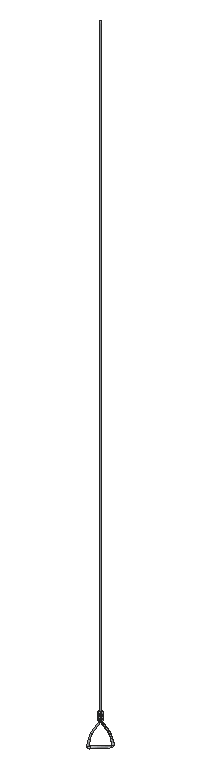
Revit family "Wire-HunterDouglas-84G", category Specialty Equipment, Revit 2013
Parameters (values of type "Parametric")
  ecoScorecard_data = "http://products.ecoscorecard.com/hunterdouglascontract/L84GMBR"
  ecoScorecard Product Page = "http://hunterdouglascontract.ecoscorecard.com/product/L84GMBR?base_search=product_category_A1035"
  Wire Hanger = Metal - Aluminum Frame - HunterDouglas - Painted White
  URL = "http://www.hunterdouglascontract.com/ceilings/index.jsp"
  Subcategory = "Metal – Linear"  # constant formula
  Product Line = "9-10 84G"  # constant formula
  Model = "9-10 84G Hanger_Rod"  # constant formula
  Manufacturer = "Hunter Douglas Luxalon Metal Ceilings"  # constant formula
  HangerWire Length = 3' - 0"
  Description = "Hanger_Rod"  # constant formula
  Color Finishes = "http://www.hunterdouglascontract.com/ceilings/metalsystems/linear/84g/index.jsp?t=colorPage"
  Assembly Code = "C3030200"
  95 CSI = "09510"  # constant formula
  04 CSI = "09 51 00"  # constant formula
Reference planes (in)
  plane 1 "Center (Front/Back)": y = 0
  plane 2: z = 0
  plane 3 "Center (Left/Right)": x = 0
  plane 4: x = -0.77248
  plane 5: x = 0.77248
  plane 6: z = 2.4375
  plane 7: z = 2.5
  plane 8: z = 36
  plane 9: z = 36.21875
  plane 10: through (-0.0221, 0.0221, 48) normal (-0.7071, -0.7071, 0)
Dimensions and locks (in)
  equal spacing: plane 4, plane 3 "Center (Left/Right)", plane 5
  plane 4 to plane 5 = 0' - 1.54495"
  locked: plane 6 to plane 7 at 0.0625
  locked: plane 6 to level at 2.4375
  "HangerWire Length": plane 8 to level
  locked: plane 9 to plane 8 at 0.21875
  aligned and locked: level to plane 2
  aligned and locked: plane 1 "Center (Front/Back)" to nested 1
  aligned and locked: plane 3 "Center (Left/Right)" to nested 1
  aligned and locked: plane 6 to nested 1
Nested families (in)
  nested 1: "Wire" at (0, 0, 0), type "Parametric"
Definition of nested family "Wire"
  Parameters (values of type "Parametric")
    Wire Hanger = Metal - Aluminum Frame - HunterDouglas - Painted White
    URL = "http://www.hunterdouglascontract.com/ceilings/index.jsp"
    Subcategory = "Metal – Linear"  # constant formula
    Product Line = "9-10 84G"  # constant formula
    Model = "9-10 84G Hanger_Rod"  # constant formula
    Manufacturer = "Hunter Douglas Luxalon Metal Ceilings"  # constant formula
    HangerWire Length = 3' - 0"
    Description = "Hanger_Rod"  # constant formula
    Assembly Code = "C3030200"
    95 CSI = "09510"  # constant formula
    04 CSI = "09 51 00"  # constant formula
  Reference planes (in)
    plane 1 "Center (Front/Back)": y = 0
    plane 2: z = 0
    plane 3 "Center (Left/Right)": x = 0
    plane 4: x = -0.77248
    plane 5: x = 0.77248
    plane 6: z = 2.4375
    plane 7: z = 2.5
    plane 8: z = 36
    plane 9: z = 36.21875
    plane 10: through (-0.0221, 0.0221, 48) normal (-0.7071, -0.7071, 0)
  Forms (in)
    Sweep 1, solid, material "Metal - Aluminum Frame - HunterDouglas - Painted White" <- "Wire Hanger", detail levels fine
      path origin (0, 0, 0) x (0.707107, 0.707107, 0) y (0, 0, 1)
        loop
          line (0.03125, 36.21875) -> (0.03125, 3.70793) -> (0.38236, 3.14135)
          arc (0.38236, 3.14135) -> (0.44435, 3.01623) -> (0.48166, 2.88166) r 0.73777
          line (0.48166, 2.88166) -> (0.5376, 2.56649)
          arc (0.5376, 2.56649) -> (0.51364, 2.47677) -> (0.42949, 2.4375) r 0.1098
          line (0.42949, 2.4375) -> (-0.42976, 2.4375)
          arc (-0.42976, 2.4375) -> (-0.51374, 2.47669) -> (-0.53765, 2.56622) r 0.10957
          line (-0.53765, 2.56622) -> (-0.48246, 2.87715)
          arc (-0.48246, 2.87715) -> (-0.44395, 3.01607) -> (-0.37995, 3.14524) r 0.76163
          line (-0.37995, 3.14524) -> (-0.0384, 3.69638)
      profile origin (-0.0001, -0.0001, 2.4375) x (0, 0, -1) y (0.707107, -0.707107, 0)
        loop
          circle (-0.03125, 0) r 0.03125
    Revolve 2, solid, material "Metal - Aluminum Frame - HunterDouglas - Painted White" <- "Wire Hanger", detail levels fine
      sketch origin (0.00705, -1.10535, 0.17393) x (0, 0.947216, -0.320596) y (0, 0.320596, 0.947216)
        loop
          line (-0.19925, 4.08974) -> (-0.26999, 4.08974)
          arc (-0.26999, 4.08974) -> (-0.30124, 4.05849) -> (-0.26999, 4.02724) r 0.03125
          line (-0.26999, 4.02724) -> (-0.19925, 4.02724) -> (-0.19925, 4.08974)
        axis (-0.19925, 4.02724) -> (-0.19925, 4.08974)
      angle from 0 to 360
    Revolve 3, solid, material "Metal - Aluminum Frame - HunterDouglas - Painted White" <- "Wire Hanger", detail levels fine
      sketch origin (0.00705, -1.10535, 0.04197) x (0, 0.947216, -0.320596) y (0, 0.320596, 0.947216)
        loop
          line (-0.19925, 4.08974) -> (-0.26999, 4.08974)
          arc (-0.26999, 4.08974) -> (-0.30124, 4.05849) -> (-0.26999, 4.02724) r 0.03125
          line (-0.26999, 4.02724) -> (-0.19925, 4.02724) -> (-0.19925, 4.08974)
        axis (-0.19925, 4.02724) -> (-0.19925, 4.08974)
      angle from 0 to 360
    Revolve 4, solid, material "Metal - Aluminum Frame - HunterDouglas - Painted White" <- "Wire Hanger", detail levels fine
      sketch origin (0.00705, -1.10535, 0.10916) x (0, 0.947216, -0.320596) y (0, 0.320596, 0.947216)
        loop
          line (-0.19925, 4.08974) -> (-0.26999, 4.08974)
          arc (-0.26999, 4.08974) -> (-0.30124, 4.05849) -> (-0.26999, 4.02724) r 0.03125
          line (-0.26999, 4.02724) -> (-0.19925, 4.02724) -> (-0.19925, 4.08974)
        axis (-0.19925, 4.02724) -> (-0.19925, 4.08974)
      angle from 0 to 360
    Revolve 5, solid, material "Metal - Aluminum Frame - HunterDouglas - Painted White" <- "Wire Hanger", detail levels fine
      sketch origin (0.00705, -1.10535, -0.02357) x (0, 0.947216, -0.320596) y (0, 0.320596, 0.947216)
        loop
          line (-0.19925, 4.08974) -> (-0.26999, 4.08974)
          arc (-0.26999, 4.08974) -> (-0.30124, 4.05849) -> (-0.26999, 4.02724) r 0.03125
          line (-0.26999, 4.02724) -> (-0.19925, 4.02724) -> (-0.19925, 4.08974)
        axis (-0.19925, 4.02724) -> (-0.19925, 4.08974)
      angle from 0 to 360
    Revolve 6, solid, material "Metal - Aluminum Frame - HunterDouglas - Painted White" <- "Wire Hanger", detail levels fine
      sketch origin (0.00705, -1.10535, -0.08912) x (0, 0.947216, -0.320596) y (0, 0.320596, 0.947216)
        loop
          line (-0.19925, 4.08974) -> (-0.26999, 4.08974)
          arc (-0.26999, 4.08974) -> (-0.30124, 4.05849) -> (-0.26999, 4.02724) r 0.03125
          line (-0.26999, 4.02724) -> (-0.19925, 4.02724) -> (-0.19925, 4.08974)
        axis (-0.19925, 4.02724) -> (-0.19925, 4.08974)
      angle from 0 to 360
    Revolve 7, solid, material "Metal - Aluminum Frame - HunterDouglas - Painted White" <- "Wire Hanger", detail levels fine
      sketch origin (0.00705, -1.10535, -0.15857) x (0, 0.947216, -0.320596) y (0, 0.320596, 0.947216)
        loop
          line (-0.19925, 4.08974) -> (-0.26999, 4.08974)
          arc (-0.26999, 4.08974) -> (-0.30124, 4.05849) -> (-0.26999, 4.02724) r 0.03125
          line (-0.26999, 4.02724) -> (-0.19925, 4.02724) -> (-0.19925, 4.08974)
        axis (-0.19925, 4.02724) -> (-0.19925, 4.08974)
      angle from 0 to 360
  Lines and regions (in)
    model lines, style "Wire", detail levels coarse+medium
      curve 1: line (0, 0, 36) -> (0, 0, 2.5)
    symbolic lines, style "Wire", detail levels fine
      curve 2: line (-0.38204, -0.33784, 0) -> (-0.08282, -0.03863, 0)
      curve 3: line (0.38204, 0.33784, 0) -> (0.09664, 0.05243, 0)
      curve 4: arc (0.33784, 0.38204, 0) -> (0.38204, 0.38204, 0) -> (0.38204, 0.33784, 0) r 0.03125
      curve 5: arc (-0.38204, -0.33784, 0) -> (-0.38204, -0.38204, 0) -> (-0.33784, -0.38204, 0) r 0.03125
      curve 6: circle (0.00691, 0.00691, 0) r 0.10062 normal (0, 0, 1)
      curve 7: circle (0, 0, 0) r 0.03125 normal (0, 0, 1)
      curve 8: line (0.05244, 0.09663, 0) -> (0.33784, 0.38204, 0)
      curve 9: line (-0.03862, -0.08282, 0) -> (-0.33784, -0.38204, 0)
      curve 14: line (-0.03122, 0, 36.21875) -> (0.03122, 0, 36.21875)
      curve 15: line (0.03122, 0, 36.21875) -> (0.03122, 0, 4.1081)
      curve 16: line (-0.02999, 0, 3.69117) -> (-0.27048, 0, 3.16052)
      curve 17: line (-0.39791, 0, 2.57083) -> (-0.33782, 0, 2.89346)
      curve 18: arc (-0.33782, 0, 2.89346) -> (-0.3161, 0, 3.03) -> (-0.27048, 0, 3.16052) r 0.77561
      curve 19: arc (-0.39791, 0, 2.57083) -> (-0.37867, 0, 2.48393) -> (-0.30275, 0, 2.4375) r 0.11373
      curve 20: line (0.08629, 0, 3.61911) -> (-0.02999, 0, 3.69117)
      curve 21: spline (-0.03122, 0, 3.69014) -> (-0.02944, 0, 3.69066) -> (-0.02594, 0, 3.69166) -> (-0.02092, 0, 3.6931) -> (-0.01467, 0, 3.69489) -> (-0.00756, 0, 3.69692) -> (0, 0, 3.69907) -> (0.00755, 0, 3.70122) -> (0.01466, 0, 3.70324) -> (0.02091, 0, 3.70501) -> (0.02594, 0, 3.70643) -> (0.02944, 0, 3.70742) -> (0.03122, 0, 3.70792)
      curve 22: line (0.00884, 0, 3.62544) -> (-0.21356, 0, 3.13472)
      curve 23: arc (-0.2757, 0, 2.88565) -> (-0.25593, 0, 3.013) -> (-0.21356, 0, 3.13472) r 0.71311
      curve 24: line (-0.33647, 0, 2.55939) -> (-0.2757, 0, 2.88565)
      curve 25: arc (-0.33647, 0, 2.55939) -> (-0.3278, 0, 2.52024) -> (-0.2936, 0, 2.49933) r 0.05123
      curve 26: line (0.03122, 0, 36.21875) -> (-0.03122, 0, 36.21875)
      curve 27: line (-0.03122, 0, 36.21875) -> (-0.03122, 0, 4.1296)
      curve 28: line (-0.2936, 0, 2.49933) -> (0, 0, 2.49933)
      curve 29: line (0, 0, 2.4375) -> (-0.30275, 0, 2.4375)
      curve 30: line (-0.03122, 0, 3.73252) -> (-0.03122, 0, 3.68845)
      curve 31: line (0.03122, 0, 3.68845) -> (0.27048, 0, 3.16052)
      curve 32: line (0.39791, 0, 2.57083) -> (0.33782, 0, 2.89346)
      curve 33: arc (0.33782, 0, 2.89346) -> (0.3161, 0, 3.03) -> (0.27048, 0, 3.16052) r 0.77561
      curve 34: arc (0.39791, 0, 2.57083) -> (0.37867, 0, 2.48393) -> (0.30275, 0, 2.4375) r 0.11373
      curve 35: spline (0.03122, 0, 3.69014) -> (0.02944, 0, 3.69066) -> (0.02594, 0, 3.69166) -> (0.02092, 0, 3.6931) -> (0.01467, 0, 3.69489) -> (0.00756, 0, 3.69692) -> (0, 0, 3.69907) -> (-0.00755, 0, 3.70122) -> (-0.01466, 0, 3.70324) -> (-0.02091, 0, 3.70501) -> (-0.02594, 0, 3.70643) -> (-0.02944, 0, 3.70742) -> (-0.03122, 0, 3.70792)
      curve 36: line (-0.00884, 0, 3.62544) -> (0.21356, 0, 3.13472)
      curve 37: arc (0.2757, 0, 2.88565) -> (0.25593, 0, 3.013) -> (0.21356, 0, 3.13472) r 0.71311
      curve 38: line (0.33647, 0, 2.55939) -> (0.2757, 0, 2.88565)
      curve 39: arc (0.33647, 0, 2.55939) -> (0.3278, 0, 2.52024) -> (0.2936, 0, 2.49933) r 0.05123
      curve 40: line (0.2936, 0, 2.49933) -> (0, 0, 2.49933)
      curve 41: line (0, 0, 2.4375) -> (0.30275, 0, 2.4375)
      curve 42: line (0.03122, 0, 3.73252) -> (0.03122, 0, 3.68845)
      curve 43: line (0, 0.03122, 3.68845) -> (0, 0.27048, 3.16052)
      curve 44: line (0, 0.39791, 2.57083) -> (0, 0.33782, 2.89346)
      curve 45: arc (0, 0.33782, 2.89346) -> (0, 0.3161, 3.03) -> (0, 0.27048, 3.16052) r 0.77561
      curve 46: arc (0, 0.39791, 2.57083) -> (0, 0.37867, 2.48393) -> (0, 0.30275, 2.4375) r 0.11373
      curve 47: line (0, -0.00884, 3.62544) -> (0, 0.21356, 3.13472)
      curve 48: arc (0, 0.2757, 2.88565) -> (0, 0.25593, 3.013) -> (0, 0.21356, 3.13472) r 0.71311
      curve 49: line (0, 0.33647, 2.55939) -> (0, 0.2757, 2.88565)
      curve 50: arc (0, 0.33647, 2.55939) -> (0, 0.3278, 2.52024) -> (0, 0.2936, 2.49933) r 0.05123
      curve 51: line (0, 0.2936, 2.49933) -> (0, 0, 2.49933)
      curve 52: line (0, 0, 2.4375) -> (0, 0.30275, 2.4375)
      curve 53: line (0, -0.03122, 3.68845) -> (0, -0.27048, 3.16052)
      curve 54: line (0, -0.39791, 2.57083) -> (0, -0.33782, 2.89346)
      curve 55: arc (0, -0.33782, 2.89346) -> (0, -0.3161, 3.03) -> (0, -0.27048, 3.16052) r 0.77561
      curve 56: arc (0, -0.39791, 2.57083) -> (0, -0.37867, 2.48393) -> (0, -0.30275, 2.4375) r 0.11373
      curve 57: line (0, 0.00884, 3.62544) -> (0, -0.21356, 3.13472)
      curve 58: arc (0, -0.2757, 2.88565) -> (0, -0.25593, 3.013) -> (0, -0.21356, 3.13472) r 0.71311
      curve 59: line (0, -0.33647, 2.55939) -> (0, -0.2757, 2.88565)
      curve 60: arc (0, -0.33647, 2.55939) -> (0, -0.3278, 2.52024) -> (0, -0.2936, 2.49933) r 0.05123
      curve 61: line (0, -0.2936, 2.49933) -> (0, 0, 2.49933)
      curve 62: line (0, 0, 2.4375) -> (0, -0.30275, 2.4375)
      curve 63: line (0, -0.03122, 3.73252) -> (0, -0.03122, 3.68845)
      curve 64: line (0, -0.04684, 4.13498) -> (0, 0.08788, 4.08859)
      curve 65: line (0, -0.07537, 4.07858) -> (0, 0.06749, 4.02939)
      curve 66: arc (0, 0.08788, 4.08859) -> (0, 0.10729, 4.0488) -> (0, 0.06749, 4.02939) r 0.03131
      curve 67: arc (0, -0.04684, 4.13498) -> (0, -0.08569, 4.11922) -> (0, -0.07537, 4.07858) r 0.0319
      curve 68: arc (0, 0.08788, 4.02237) -> (0, 0.10784, 3.98437) -> (0, 0.0711, 3.96216) r 0.03131
      curve 69: arc (0, -0.04684, 4.06876) -> (0, -0.08551, 4.05335) -> (0, -0.07602, 4.01282) r 0.0319
      curve 70: line (0, -0.07602, 4.01282) -> (0, 0.0711, 3.96216)
      curve 71: arc (0, 0.08788, 3.95615) -> (0, 0.10784, 3.91815) -> (0, 0.0711, 3.89594) r 0.03131
      curve 72: arc (0, -0.04684, 4.00254) -> (0, -0.08551, 3.98713) -> (0, -0.07602, 3.9466) r 0.0319
      curve 73: line (0, -0.07602, 3.9466) -> (0, 0.0711, 3.89594)
      curve 74: arc (0, 0.08788, 3.88993) -> (0, 0.10784, 3.85193) -> (0, 0.0711, 3.82972) r 0.03131
      curve 75: arc (0, -0.04684, 3.93632) -> (0, -0.08551, 3.92091) -> (0, -0.07602, 3.88038) r 0.0319
      curve 76: line (0, -0.07602, 3.88038) -> (0, 0.0711, 3.82972)
      curve 77: arc (0, 0.08788, 3.82371) -> (0, 0.10784, 3.78571) -> (0, 0.0711, 3.7635) r 0.03131
      curve 78: arc (0, -0.04684, 3.8701) -> (0, -0.08551, 3.85469) -> (0, -0.07602, 3.81416) r 0.0319
      curve 79: line (0, -0.07602, 3.81416) -> (0, 0.0711, 3.7635)
      curve 80: arc (0, 0.08788, 3.75749) -> (0, 0.10784, 3.71949) -> (0, 0.0711, 3.69728) r 0.03131
      curve 81: arc (0, -0.04684, 3.80388) -> (0, -0.08551, 3.78847) -> (0, -0.07602, 3.74794) r 0.0319
      curve 82: line (0, -0.07602, 3.74794) -> (0, 0.0711, 3.69728)
      curve 83: line (0, -0.03122, 3.73252) -> (0, -0.03122, 3.68845)
      curve 84: spline (0, 0.03122, 3.69014) -> (0, 0.02944, 3.69066) -> (0, 0.02594, 3.69166) -> (0, 0.02092, 3.6931) -> (0, 0.01467, 3.69489) -> (0, 0.00756, 3.69692) -> (0, 0, 3.69907) -> (0, -0.00755, 3.70122) -> (0, -0.01466, 3.70324) -> (0, -0.02091, 3.70501) -> (0, -0.02594, 3.70643) -> (0, -0.02944, 3.70742) -> (0, -0.03122, 3.70792)
      curve 85: line (0, 0.03122, 3.71102) -> (0, 0.03122, 3.68845)
    symbolic lines, style "Wire"
      curve 10: line (0, 0.03125, 36.21875) -> (0, -0.03125, 36.21875)
      curve 11: line (0, -0.03125, 36.21875) -> (0, -0.03125, 4.05165)
      curve 12: arc (0, 0.03125, 4.05165) -> (0, 0, 4.04216) -> (0, -0.03125, 4.05165) r 0.05621
      curve 13: line (0, 0.03125, 4.05165) -> (0, 0.03125, 36.21875)
      curve 86: arc (-0.07801, 0, 3.78381) -> (-0.09482, 0, 3.81838) -> (-0.07483, 0, 3.85122) r 0.04011
      curve 87: arc (-0.07459, 0, 3.85136) -> (-0.03526, 0, 3.86711) -> (0.00686, 0, 3.87167) r 0.15569
      curve 88: arc (0.09173, 0, 3.78381) -> (0.10854, 0, 3.81838) -> (0.08855, 0, 3.85122) r 0.04011
      curve 89: arc (0.0883, 0, 3.85136) -> (0.04898, 0, 3.86711) -> (0.00686, 0, 3.87167) r 0.15569
      curve 90: arc (-0.07483, 0, 3.85122) -> (-0.09482, 0, 3.88413) -> (-0.07788, 0, 3.91872) r 0.04011
      curve 91: arc (-0.07459, 0, 3.92081) -> (-0.03526, 0, 3.93656) -> (0.00686, 0, 3.94112) r 0.15569
      curve 92: arc (0.08855, 0, 3.85122) -> (0.10858, 0, 3.88609) -> (0.0883, 0, 3.92081) r 0.04011
      curve 93: arc (0.0883, 0, 3.92081) -> (0.04898, 0, 3.93656) -> (0.00686, 0, 3.94112) r 0.15569
      curve 94: arc (-0.07788, 0, 3.91872) -> (-0.09482, 0, 3.95344) -> (-0.07459, 0, 3.98635) r 0.04011
      curve 95: arc (-0.07459, 0, 3.98635) -> (-0.03526, 0, 4.0021) -> (0.00686, 0, 4.00666) r 0.15569
      curve 96: arc (0.0916, 0, 3.91872) -> (0.10853, 0, 3.95344) -> (0.0883, 0, 3.98635) r 0.04011
      curve 97: arc (0.0883, 0, 3.98635) -> (0.04898, 0, 4.0021) -> (0.00686, 0, 4.00666) r 0.15569
      curve 98: arc (-0.07788, 0, 3.98426) -> (-0.09486, 0, 4.01703) -> (-0.07788, 0, 4.0498) r 0.04011
      curve 99: arc (-0.07459, 0, 4.05189) -> (-0.03526, 0, 4.06764) -> (0.00686, 0, 4.0722) r 0.15569
      curve 100: arc (0.0916, 0, 3.98426) -> (0.10858, 0, 4.01703) -> (0.0916, 0, 4.0498) r 0.04011
      curve 101: arc (0.0883, 0, 4.05189) -> (0.04898, 0, 4.06764) -> (0.00686, 0, 4.0722) r 0.15569
      curve 102: arc (-0.07788, 0, 4.0498) -> (-0.09482, 0, 4.08452) -> (-0.07459, 0, 4.11744) r 0.04011
      curve 103: arc (-0.07459, 0, 4.11744) -> (-0.03526, 0, 4.13318) -> (0.00686, 0, 4.13774) r 0.15569
      curve 104: arc (0.0916, 0, 4.0498) -> (0.10853, 0, 4.08452) -> (0.0883, 0, 4.11744) r 0.04011
      curve 105: arc (0.0883, 0, 4.11744) -> (0.04898, 0, 4.13318) -> (0.00686, 0, 4.13774) r 0.15569
      curve 106: arc (-0.07788, 0, 3.71818) -> (-0.09482, 0, 3.75291) -> (-0.07459, 0, 3.78582) r 0.04011
      curve 107: arc (-0.07801, 0, 3.78381) -> (-0.03718, 0, 3.80107) -> (0.00686, 0, 3.80613) r 0.15569
      curve 108: arc (0.0916, 0, 3.71818) -> (0.10853, 0, 3.75291) -> (0.0883, 0, 3.78582) r 0.04011
      curve 109: arc (0.09173, 0, 3.78381) -> (0.0509, 0, 3.80107) -> (0.00686, 0, 3.80613) r 0.15569
      curve 110: arc (-0.07788, 0, 3.71818) -> (-0.05245, 0, 3.70483) -> (-0.02439, 0, 3.69871) r 0.10721
      curve 111: arc (0.0916, 0, 3.71818) -> (0.06617, 0, 3.70483) -> (0.03811, 0, 3.69871) r 0.10721
  Dimensions and locks (in)
    equal spacing: plane 4, plane 3 "Center (Left/Right)", plane 5
    plane 4 to plane 5 = 0' - 1.54495"
    locked: plane 6 to plane 7 at 0.0625
    locked: plane 6 to level at 2.4375
    "HangerWire Length": plane 8 to level
    locked: plane 9 to plane 8 at 0.21875
    aligned and locked: level to plane 2
    aligned and locked: Sweep 1 sketch curve to plane 6
    aligned and locked: curve 1 to plane 3 "Center (Left/Right)"
    aligned and locked: plane 7 to curve 1
    aligned and locked: plane 8 to curve 1
    aligned and locked: plane 9 to curve 26
    aligned and locked: plane 9 to Sweep 1 sketch curve
    aligned and locked: curve 10 to plane 9
  Automatic sketch dimensions
    curve 12 to plane 1 "Center (Front/Back)" = 0' - 0"
    plane 1 "Center (Front/Back)" to curve 11 = 0' - 0 1/32"
    curve 13 to plane 1 "Center (Front/Back)" = 0' - 0 1/32"
    curve 12 to curve 12 = 0' - 0.04672"
    curve 18 to curve 23 = 0' - 0"  (x2)
    curve 19 to curve 25 = 0' - 0"  (x2)
    curve 33 to curve 37 = 0' - 0"  (x2)
    curve 34 to curve 39 = 0' - 0"  (x2)
    curve 19 to plane 6 = 0' - 0"
    curve 41 to plane 3 "Center (Left/Right)" = 0' - 0"
    curve 40 to plane 3 "Center (Left/Right)" = 0' - 0"
    curve 35 to plane 3 "Center (Left/Right)" = 0' - 0"
    curve 36 to plane 3 "Center (Left/Right)" = 0' - 0.00884"
    curve 16 to plane 3 "Center (Left/Right)" = 0' - 0.02999"
    curve 14 to plane 3 "Center (Left/Right)" = 0' - 0.03122"
    curve 35 to curve 16 = 0' - 0.00123"
    curve 21 to curve 21 = 0' - 0.00021"
    curve 22 to plane 3 "Center (Left/Right)" = 0' - 0.21356"
    curve 18 to curve 23 = 0' - 0.05693"
    curve 23 to curve 22 = 0' - 0.06215"
    plane 7 to curve 19 = 0' - 0.05001"
    curve 19 to plane 3 "Center (Left/Right)" = 0' - 0.2861"
    curve 25 to plane 7 = 0' - 0.00067"
    curve 25 to curve 19 = 0' - 0.0075"
    curve 29 to curve 28 = 0' - 0.00915"
    curve 25 to curve 19 = 0' - 0.05037"
    curve 17 to curve 23 = 0' - 0.06212"
    plane 7 to curve 17 = 0' - 0.07083"
    curve 37 to curve 17 = 0' - 0.09814"
    plane 3 "Center (Left/Right)" to curve 21 = 0' - 0"
    plane 3 "Center (Left/Right)" to curve 22 = 0' - 0.00884"
    plane 3 "Center (Left/Right)" to curve 42 = 0' - 0.03122"
    plane 3 "Center (Left/Right)" to curve 14 = 0' - 0.03122"
    curve 35 to curve 31 = 0' - 0"
    curve 35 to curve 35 = 0' - 0.00021"
    curve 22 to curve 20 = 0' - 0.07745"
    plane 3 "Center (Left/Right)" to curve 37 = 0' - 0.21356"
    curve 36 to curve 31 = 0' - 0.05693"
    curve 37 to curve 38 = 0' - 0.06215"
    plane 7 to curve 39 = 0' - 0.05001"
    plane 3 "Center (Left/Right)" to curve 39 = 0' - 0.2861"
    curve 34 to curve 40 = 0' - 0.0075"
    curve 39 to curve 34 = 0' - 0.00915"
    curve 34 to curve 39 = 0' - 0.05037"
    curve 38 to curve 33 = 0' - 0.06212"
    curve 38 to curve 34 = 0' - 0.06144"
    curve 33 to curve 23 = 0' - 0.09814"
    curve 19 to curve 33 = 0' - 0 69/256"
    curve 34 to curve 18 = 0' - 0 69/256"
    curve 33 to curve 23 = 0' - 0.04529"
    curve 18 to curve 37 = 0' - 0.04529"
    curve 38 to curve 32 = 0' - 0 1/128"
    curve 23 to curve 18 = 0' - 0 1/128"
    curve 33 to curve 20 = 0' - 0.4586"
    curve 20 to curve 36 = 0' - 0.00633"
    curve 22 to curve 36 = 0' - 0"
    curve 36 to curve 30 = 0' - 0.06301"
    curve 42 to curve 16 = 0' - 0.00272"
    curve 31 to curve 35 = 0' - 0.00163"
    curve 30 to curve 21 = 0' - 0.00163"
    curve 35 to curve 35 = 0' - 0.00006"
    curve 21 to curve 21 = 0' - 0.00006"
    curve 35 to curve 30 = 0' - 0.0246"
    curve 21 to curve 42 = 0' - 0.0246"
    curve 42 to curve 15 = 0' - 0.37558"
    curve 15 to curve 27 = 0' - 0.0215"
    plane 1 "Center (Front/Back)" to curve 7 = 0' - 0"
    curve 7 to plane 3 "Center (Left/Right)" = 0' - 0"
    curve 9 to plane 3 "Center (Left/Right)" = 0' - 0.03862"
    plane 1 "Center (Front/Back)" to curve 2 = 0' - 0.03863"
    curve 2 to curve 9 = 0' - 0.0442"
    curve 5 to plane 3 "Center (Left/Right)" = 0' - 0.33784"
    curve 5 to curve 9 = 0' - 0.0221"
    curve 5 to curve 5 = 0' - 0.0221"
    plane 3 "Center (Left/Right)" to curve 6 = 0' - 0.00691"
    plane 3 "Center (Left/Right)" to curve 8 = 0' - 0.05244"
    curve 8 to curve 3 = 0' - 0.0442"
    plane 3 "Center (Left/Right)" to curve 4 = 0' - 0.33784"
    curve 4 to curve 4 = 0' - 0.0221"
    curve 4 to curve 3 = 0' - 0.0221"
    curve 9 to curve 2 = 0' - 0.0442"
    plane 1 "Center (Front/Back)" to curve 2 = 0' - 0.33784"
    curve 5 to curve 2 = 0' - 0.0221"
    curve 4 to plane 1 "Center (Front/Back)" = 0' - 0.33784"
    curve 3 to curve 4 = 0' - 0.0221"
    plane 7 to Sweep 1 sketch curve = 0' - 0.06622"
    plane 7 to Sweep 1 sketch curve = 0' - 0.37715"
    Sweep 1 sketch curve to Sweep 1 sketch curve = 0' - 0.05519"
    Sweep 1 sketch curve to Sweep 1 sketch curve = 0' - 0.10788"
    Sweep 1 sketch curve to Sweep 1 sketch curve = 0' - 0.10251"
    Sweep 1 sketch curve to Sweep 1 sketch curve = 0' - 0.2377"
    plane 7 to Sweep 1 sketch curve = 0' - 1.19638"
    Sweep 1 sketch curve to Sweep 1 sketch curve = 0' - 0.34154"
    Sweep 1 sketch curve to Sweep 1 sketch curve = 0' - 0.06965"
    plane 7 to Sweep 1 sketch curve = 0' - 0.24405"
    Sweep 1 sketch curve to Sweep 1 sketch curve = 0' - 0.51221"
    Sweep 1 sketch curve to Sweep 1 sketch curve = 0' - 0.1149"
    Sweep 1 sketch curve to Sweep 1 sketch curve = 0' - 0.16204"
    Sweep 1 sketch curve to Sweep 1 sketch curve = 0' - 0.21421"
    plane 7 to Sweep 1 sketch curve = 0' - 0.06649"
    Sweep 1 sketch curve to Sweep 1 sketch curve = 0' - 0.10811"
    plane 7 to Sweep 1 sketch curve = 0' - 0.25273"
    Sweep 1 sketch curve to Sweep 1 sketch curve = 0' - 0.13761"
    Sweep 1 sketch curve to Sweep 1 sketch curve = 0' - 0.01154"
    Sweep 1 sketch curve to profile plane = 0' - 0"
    profile plane to Sweep 1 sketch curve = 0' - 0 1/32"
    plane 1 "Center (Front/Back)" to Revolve 2 sketch curve = 0' - 0.06997"
    plane 7 to Revolve 2 sketch curve = 0' - 1.57516"
    Revolve 2 sketch curve to Revolve 2 sketch curve = 0' - 0.07074"
    Revolve 2 sketch curve to Revolve 2 sketch curve = 0' - 0"  (x2)
    Revolve 2 sketch curve to Revolve 2 sketch curve = 0' - 0 1/32"
    Revolve 2 sketch curve to Revolve 2 sketch curve = 0' - 0.02781"
    plane 1 "Center (Front/Back)" to Revolve 3 sketch curve = 0' - 0.06997"
    plane 7 to Revolve 3 sketch curve = 0' - 1.44319"
    Revolve 3 sketch curve to Revolve 3 sketch curve = 0' - 0.07074"
    Revolve 3 sketch curve to Revolve 3 sketch curve = 0' - 0"  (x2)
    Revolve 3 sketch curve to Revolve 3 sketch curve = 0' - 0 1/32"
    Revolve 3 sketch curve to Revolve 3 sketch curve = 0' - 0.02781"
    curve 45 to curve 48 = 0' - 0"  (x2)
    curve 46 to curve 50 = 0' - 0"  (x2)
    curve 55 to curve 58 = 0' - 0"  (x2)
    curve 56 to curve 60 = 0' - 0"  (x2)
    plane 6 to curve 46 = 0' - 0"
    curve 61 to plane 1 "Center (Front/Back)" = 0' - 0"
    curve 52 to plane 1 "Center (Front/Back)" = 0' - 0"
    curve 57 to plane 1 "Center (Front/Back)" = 0' - 0.00884"
    curve 85 to plane 1 "Center (Front/Back)" = 0' - 0.03122"
    curve 84 to curve 43 = 0' - 0"
    curve 84 to curve 84 = 0' - 0.00021"
    curve 65 to plane 1 "Center (Front/Back)" = 0' - 0.06749"
    curve 73 to plane 1 "Center (Front/Back)" = 0' - 0.0711"
    curve 68 to curve 71 = 0' - 0"
    curve 79 to curve 85 = 0' - 0.03988"
    curve 82 to curve 84 = 0' - 0.03967"
    curve 76 to curve 73 = 0' - 0"
    curve 74 to curve 74 = 0' - 0.00658"
    curve 68 to curve 68 = 0' - 0.00658"
    curve 77 to curve 79 = 0' - 0.00658"
    curve 80 to curve 80 = 0' - 0.00658"
    curve 71 to curve 73 = 0' - 0.00658"
    curve 66 to curve 66 = 0' - 0.01019"
    curve 80 to curve 79 = 0' - 0.01678"
    curve 77 to curve 76 = 0' - 0.01678"
    curve 64 to curve 66 = 0' - 0.01019"
    curve 71 to curve 70 = 0' - 0.01678"
    curve 68 to curve 66 = 0' - 0.02038"
    curve 74 to curve 73 = 0' - 0.01678"
    curve 48 to plane 1 "Center (Front/Back)" = 0' - 0.21356"
    curve 45 to curve 47 = 0' - 0.05693"
    curve 48 to curve 48 = 0' - 0.06215"
    plane 7 to curve 46 = 0' - 0.05001"
    curve 46 to plane 1 "Center (Front/Back)" = 0' - 0.2861"
    curve 50 to plane 7 = 0' - 0.00067"
    curve 50 to curve 46 = 0' - 0.0075"
    curve 52 to curve 50 = 0' - 0.00915"
    plane 7 to curve 49 = 0' - 0.05939"
    curve 44 to curve 48 = 0' - 0.06212"
    curve 46 to curve 49 = 0' - 0.06144"
    curve 55 to curve 45 = 0' - 0.09814"
    plane 1 "Center (Front/Back)" to curve 84 = 0' - 0"
    plane 1 "Center (Front/Back)" to curve 47 = 0' - 0.00884"
    plane 1 "Center (Front/Back)" to curve 83 = 0' - 0.03122"
    plane 1 "Center (Front/Back)" to curve 64 = 0' - 0.04684"
    plane 1 "Center (Front/Back)" to curve 69 = 0' - 0.04684"
    plane 1 "Center (Front/Back)" to curve 72 = 0' - 0.04684"
    plane 1 "Center (Front/Back)" to curve 81 = 0' - 0.04684"
    plane 1 "Center (Front/Back)" to curve 78 = 0' - 0.04684"
    plane 1 "Center (Front/Back)" to curve 75 = 0' - 0.04684"
    curve 72 to curve 72 = 0' - 0.01039"
    curve 67 to curve 67 = 0' - 0.01039"
    curve 81 to curve 81 = 0' - 0.01039"
    curve 69 to curve 69 = 0' - 0.01039"
    curve 78 to curve 78 = 0' - 0.01039"
    curve 75 to curve 75 = 0' - 0.01039"
    curve 69 to curve 67 = 0' - 0.02853"
    curve 75 to curve 73 = 0' - 0.02918"
    curve 72 to curve 69 = 0' - 0.02918"
    curve 81 to curve 81 = 0' - 0.01879"
    curve 78 to curve 75 = 0' - 0.02918"
    curve 81 to curve 79 = 0' - 0.02918"
    plane 1 "Center (Front/Back)" to curve 57 = 0' - 0.21356"
    curve 57 to curve 55 = 0' - 0.05693"
    curve 58 to curve 58 = 0' - 0.06215"
    plane 7 to curve 60 = 0' - 0.05001"
    plane 1 "Center (Front/Back)" to curve 60 = 0' - 0.2861"
    curve 56 to curve 60 = 0' - 0.0075"
    curve 60 to curve 62 = 0' - 0.00915"
    curve 56 to curve 60 = 0' - 0.05037"
    curve 58 to curve 55 = 0' - 0.06212"
    plane 7 to curve 54 = 0' - 0.07083"
    curve 54 to curve 45 = 0' - 0.09814"
    curve 56 to curve 45 = 0' - 0 69/256"
    curve 44 to curve 55 = 0' - 0 69/256"
    curve 45 to curve 59 = 0' - 0.04529"
    curve 55 to curve 49 = 0' - 0.04529"
    curve 58 to curve 54 = 0' - 0 1/128"
    curve 48 to curve 44 = 0' - 0 1/128"
    curve 57 to curve 47 = 0' - 0.49072"
    curve 57 to curve 47 = 0' - 0"
    curve 47 to curve 53 = 0' - 0.06301"
    curve 43 to curve 53 = 0' - 0"
    curve 43 to curve 84 = 0' - 0.00163"
    curve 84 to curve 84 = 0' - 0.00006"
    curve 84 to curve 80 = 0' - 0.00721"
    curve 84 to curve 85 = 0' - 0.02087"
    curve 80 to curve 80 = 0' - 0.03061"
    curve 80 to curve 79 = 0' - 0.00601"
    curve 81 to curve 81 = 0' - 0.02577"
    curve 79 to curve 77 = 0' - 0.03061"
    curve 81 to curve 79 = 0' - 0.01028"
    curve 77 to curve 74 = 0' - 0.00601"
    curve 78 to curve 78 = 0' - 0.02577"
    curve 74 to curve 74 = 0' - 0.03061"
    curve 78 to curve 75 = 0' - 0.01028"
    curve 74 to curve 73 = 0' - 0.00601"
    curve 75 to curve 75 = 0' - 0.02577"
    curve 73 to curve 71 = 0' - 0.03061"
    curve 75 to curve 72 = 0' - 0.01028"
    curve 71 to curve 68 = 0' - 0.00601"
    curve 72 to curve 72 = 0' - 0.02577"
    curve 68 to curve 68 = 0' - 0.03061"
    curve 72 to curve 69 = 0' - 0.01028"
    curve 68 to curve 66 = 0' - 0.00702"
    curve 70 to curve 69 = 0' - 0.02577"
    curve 66 to curve 66 = 0' - 0.0296"
    curve 65 to curve 67 = 0' - 0.02623"
    curve 86 to plane 3 "Center (Left/Right)" = 0' - 0.07801"
    curve 94 to plane 3 "Center (Left/Right)" = 0' - 0.07788"
    curve 98 to curve 94 = 0' - 0"
    curve 98 to curve 98 = 0' - 0"
    curve 107 to curve 110 = 0' - 0.00013"
    curve 86 to curve 90 = 0' - 0.00318"
    curve 102 to curve 99 = 0' - 0.0033"
    curve 98 to curve 95 = 0' - 0.0033"
    curve 90 to curve 87 = 0' - 0.00025"
    curve 86 to curve 106 = 0' - 0.00342"
    curve 94 to curve 91 = 0' - 0.0033"
    curve 94 to curve 95 = 0' - 0"
    curve 102 to curve 99 = 0' - 0"
    curve 103 to curve 102 = 0' - 0"
    curve 110 to curve 106 = 0' - 0.02313"
    curve 106 to curve 86 = 0' - 0.01984"
    curve 99 to curve 102 = 0' - 0.01984"
    curve 87 to curve 90 = 0' - 0.01984"
    curve 91 to curve 94 = 0' - 0.01984"
    curve 95 to curve 98 = 0' - 0.01984"
    curve 110 to plane 3 "Center (Left/Right)" = 0' - 0.02439"
    curve 110 to plane 3 "Center (Left/Right)" = 0' - 0.01579"
    plane 3 "Center (Left/Right)" to curve 107 = 0' - 0.00241"
    plane 3 "Center (Left/Right)" to curve 99 = 0' - 0.00241"
    plane 3 "Center (Left/Right)" to curve 91 = 0' - 0.00241"
    plane 3 "Center (Left/Right)" to curve 87 = 0' - 0.00241"
    plane 3 "Center (Left/Right)" to curve 103 = 0' - 0.00241"
    plane 3 "Center (Left/Right)" to curve 95 = 0' - 0.00241"
    plane 3 "Center (Left/Right)" to curve 103 = 0' - 0.00686"
    plane 3 "Center (Left/Right)" to curve 101 = 0' - 0.00686"
    plane 3 "Center (Left/Right)" to curve 97 = 0' - 0.00686"
    plane 3 "Center (Left/Right)" to curve 87 = 0' - 0.00686"
    plane 3 "Center (Left/Right)" to curve 109 = 0' - 0.00686"
    plane 3 "Center (Left/Right)" to curve 91 = 0' - 0.00686"
    curve 107 to curve 109 = 0' - 0.00891"
    curve 103 to curve 105 = 0' - 0.00891"
    curve 99 to curve 101 = 0' - 0.00891"
    curve 87 to curve 89 = 0' - 0.00891"
    curve 91 to curve 93 = 0' - 0.00891"
    curve 95 to curve 97 = 0' - 0.00891"
    curve 107 to curve 111 = 0' - 0.02264"
    curve 89 to curve 111 = 0' - 0.0268"
    curve 87 to curve 92 = 0' - 0.06161"
    curve 99 to curve 104 = 0' - 0.06161"
    curve 111 to curve 88 = 0' - 0.03896"
    curve 91 to curve 96 = 0' - 0.06161"
    curve 111 to curve 108 = 0' - 0.03036"
    curve 97 to curve 100 = 0' - 0.06161"
    curve 96 to curve 93 = 0' - 0.01984"
    curve 104 to curve 101 = 0' - 0.01984"
    curve 100 to curve 97 = 0' - 0.01984"
    curve 92 to curve 89 = 0' - 0.01984"
    curve 96 to curve 97 = 0' - 0"
    curve 104 to curve 104 = 0' - 0.01984"
    curve 105 to curve 104 = 0' - 0"
    curve 92 to curve 93 = 0' - 0"
    curve 88 to curve 108 = 0' - 0.01984"
    curve 89 to curve 88 = 0' - 0.00025"
    curve 108 to curve 111 = 0' - 0.02313"
    curve 92 to curve 96 = 0' - 0.0033"
    curve 101 to curve 100 = 0' - 0.0033"
    curve 96 to curve 100 = 0' - 0.0033"
    curve 108 to curve 109 = 0' - 0.00342"
    plane 7 to curve 107 = 0' - 1.1505"
    curve 109 to curve 107 = 0' - 0"
    curve 107 to curve 110 = 0' - 0.04821"
    curve 109 to curve 111 = 0' - 0.04821"
    curve 111 to curve 89 = 0' - 0.01733"
    curve 87 to curve 89 = 0' - 0"
    curve 111 to curve 108 = 0' - 0.01947"
    curve 110 to curve 110 = 0' - 0.01947"
    curve 111 to curve 108 = 0' - 0.03277"
    curve 110 to curve 106 = 0' - 0.03277"
    curve 109 to curve 108 = 0' - 0.00201"
    curve 93 to curve 107 = 0' - 0.02063"
    curve 91 to curve 93 = 0' - 0"
    curve 108 to curve 88 = 0' - 0.03068"
    curve 106 to curve 86 = 0' - 0.03068"
    curve 109 to curve 95 = 0' - 0.04491"
    curve 97 to curve 95 = 0' - 0"
    curve 90 to curve 87 = 0' - 0.00014"
    curve 87 to curve 90 = 0' - 0.03458"
    curve 101 to curve 91 = 0' - 0.02454"
    curve 99 to curve 101 = 0' - 0"
    curve 103 to curve 95 = 0' - 0.02454"
    curve 105 to curve 103 = 0' - 0"
    curve 100 to curve 96 = 0' - 0.00209"
    curve 98 to curve 95 = 0' - 0.00209"
    curve 97 to curve 100 = 0' - 0.03068"
    curve 100 to curve 101 = 0' - 0.00209"
    plane 1 "Center (Front/Back)" to Revolve 4 sketch curve = 0' - 0.06997"
    plane 7 to Revolve 4 sketch curve = 0' - 1.51039"
    Revolve 4 sketch curve to Revolve 4 sketch curve = 0' - 0.07074"
    Revolve 4 sketch curve to Revolve 4 sketch curve = 0' - 0"  (x2)
    Revolve 4 sketch curve to Revolve 4 sketch curve = 0' - 0 1/32"
    Revolve 4 sketch curve to Revolve 4 sketch curve = 0' - 0.02781"
    plane 1 "Center (Front/Back)" to Revolve 5 sketch curve = 0' - 0.06997"
    plane 7 to Revolve 5 sketch curve = 0' - 1.37765"
    Revolve 5 sketch curve to Revolve 5 sketch curve = 0' - 0.07074"
    Revolve 5 sketch curve to Revolve 5 sketch curve = 0' - 0"  (x2)
    Revolve 5 sketch curve to Revolve 5 sketch curve = 0' - 0 1/32"
    Revolve 5 sketch curve to Revolve 5 sketch curve = 0' - 0.02781"
    plane 1 "Center (Front/Back)" to Revolve 6 sketch curve = 0' - 0.06997"
    plane 7 to Revolve 6 sketch curve = 0' - 1.31211"
    Revolve 6 sketch curve to Revolve 6 sketch curve = 0' - 0.07074"
    Revolve 6 sketch curve to Revolve 6 sketch curve = 0' - 0"  (x2)
    Revolve 6 sketch curve to Revolve 6 sketch curve = 0' - 0 1/32"
    Revolve 6 sketch curve to Revolve 6 sketch curve = 0' - 0.02781"
    plane 1 "Center (Front/Back)" to Revolve 7 sketch curve = 0' - 0.06997"
    plane 7 to Revolve 7 sketch curve = 0' - 1.24266"
    Revolve 7 sketch curve to Revolve 7 sketch curve = 0' - 0.07074"
    Revolve 7 sketch curve to Revolve 7 sketch curve = 0' - 0"  (x2)
    Revolve 7 sketch curve to Revolve 7 sketch curve = 0' - 0 1/32"
    Revolve 7 sketch curve to Revolve 7 sketch curve = 0' - 0.02781"
    plane 7 to curve 12 = 0' - 1.59837"
    radius of curve 7 = 0' - 0 1/32"
    radius of Sweep 1 sketch curve = 0' - 0 1/32"
